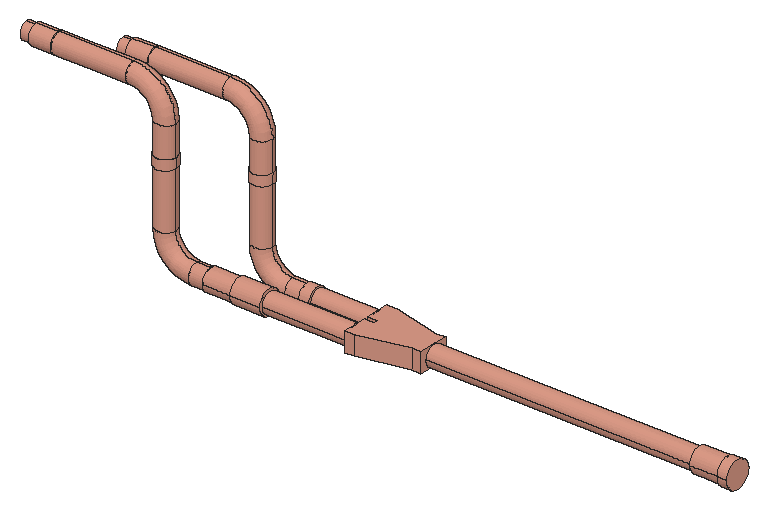
Revit family "outputfile", category 配管付属品, Revit 2024
Family settings
  丸型コネクタ寸法 = 半径を使用
  パーツ タイプ = 標準
  OmniClass 番号 = 23.65.55.00
  OmniClass タイトル = Distribution of Supplied Liquids/Gases
  作業面ベース = いいえ
  常に垂直 = はい
  ロード時にボイドで切り取り = いいえ
  共有 = いいえ
Parameters (values of type "BHFP26MA84_(2)")
  Description = ""
  製造元 = "Daikin"
  書き出し IFC クラス(タイプ) = "IfcPipeFittingType"
  Default Elevation = 0.0 mm
  定義済み IFC タイプ(タイプ) = "JUNCTION"
  Cost = 0
  モデル = "BHFP26MA84_(2)"
  Type Comments = ""
  Keynote = ""
  Type Image = (empty or 0)
  Assembly Code = ""
  table_PipeToCU_B [instance] = if(mm⇔inch, "Multi Module Kit_BHFP26MA-_Gas_PipeToCU_B", "Multi Module Kit_BHFP26MA-_Gas_PipeToCU_B_inch")  # "Multi Module Kit_BHFP26MA-_Gas_PipeToCU_B"
  table_PipeToCU_A [instance] = if(mm⇔inch, "Multi Module Kit_BHFP26MA-_Gas_PipeToCU_A", "Multi Module Kit_BHFP26MA-_Gas_PipeToCU_A_inch")  # "Multi Module Kit_BHFP26MA-_Gas_PipeToCU_A"
  table_ToMainPipe [instance] = if(mm⇔inch, "Multi Module Kit_BHFP26MA-_Gas_ToMainPipe", "Multi Module Kit_BHFP26MA-_Gas_ToMainPipe_inch")  # "Multi Module Kit_BHFP26MA-_Gas_ToMainPipe"
  switch_PipeToCU_B Reducer [instance] = if(and(Is_PipeToCU_B Reducer = 1, judge_IsOffsetPipe_ToOutdoorUnitB = 0), 1 = 1, 1 = 0)  # yes
  switch_PipeToCU_B4 [instance] = if(number_PipeToCU_B < 4, 1 = 0, 1 = 1)  # no
  switch_PipeToCU_B3 [instance] = if(number_PipeToCU_B < 3, 1 = 0, 1 = 1)  # no
  switch_PipeToCU_B2 [instance] = if(number_PipeToCU_B < 2, 1 = 0, 1 = 1)  # yes
  switch_PipeToCU_A Reducer [instance] = if(Is_PipeToCU_A Reducer = 1, 1 = 1, 1 = 0)  # yes
  switch_ToMainPipe Reducer [instance] = if(Is_ToMainPipe Reducer = 1, 1 = 1, 1 = 0)  # no
  switch_ToMainPipe2 [instance] = if(number_ToMainPipe < 2, 1 = 0, 1 = 1)  # yes
  switch_Offset Reducer(4) [instance] = if(and([judge_JointType(1or2)] = 1, Is_PipeToCU_B Reducer = 1, judge_IsOffsetPipe_ToOutdoorUnitB = 1), 1 = 1, 1 = 0)  # no
  switch_Offset Reducer(3) [instance] = if(and([judge_JointType(1or2)] = 2, Is_PipeToCU_B Reducer = 1, judge_IsOffsetPipe_ToOutdoorUnitB = 1), 1 = 1, 1 = 0)  # no
  r_PipeToCU_B_ActualDiameter [instance] = PipeToCU_B_Gas_ActualDiameter / 2  # 9.55 mm
  r_PipeToCU_A_ActualDiameter [instance] = PipeToCU_A_Gas_ActualDiameter / 2  # 9.55 mm
  r_ToMainPipe_ActualDiameter [instance] = ToMainPipe_Gas_ActualDiameter / 2  # 15.9 mm
  number_PipeToCU_B ReducerPipe [instance] = size_lookup(table_PipeToCU_B, "reducerPipeNumber", 2, モデル, judge_IsOffsetPipe_ToOutdoorUnitB, PipeToCU_B_Gas_ActualDiameter)  # 2
  number_PipeToCU_B [instance] = size_lookup(table_PipeToCU_B, "pipeNumber", 2, モデル, judge_IsOffsetPipe_ToOutdoorUnitB, PipeToCU_B_Gas_ActualDiameter)  # 2
  number_PipeToCU_A ReducerPipe [instance] = size_lookup(table_PipeToCU_A, "reducerPipeNumber", 2, モデル, PipeToCU_A_Gas_ActualDiameter)  # 2
  number_ToMainPipe [instance] = size_lookup(table_ToMainPipe, "pipeNumber", 2, モデル, ToMainPipe_Gas_ActualDiameter)  # 2
  mm⇔inch [instance] = yes
  h_PipeToCU_B Connector [instance] = if(Is_PipeToCU_B Reducer = 1, 200.0 mm, 0.0 mm)  # 200.0 mm
  h_PipeToCU_A Connector [instance] = if(Is_PipeToCU_A Reducer = 1, 200.0 mm, 0.0 mm)  # 200.0 mm
  angle_PipeToCU_B Reducer [instance] = 90.00°  # constant formula
  Unit Type = "BHFP26MA-_Gas"
  Uniclass2015Version = "Products v1.31"
  Uniclass2015Title = "Copper pipe fittings"
  Uniclass2015Code = "Pr_65_52_63_18"
  URL = ""
  ToMainPipe_Gas_Status [instance] = size_lookup(table_ToMainPipe, "Information", "The connected pipe size is not available.", モデル, ToMainPipe_Gas_ActualDiameter)  # "Default connector size is used."
  ToMainPipe_Gas_ActualDiameter [instance] = 31.8 mm
  Tag No. [instance] = ""
  Series = "Multi Module kit"
  PipeToCU_B_Gas_Status [instance] = size_lookup(table_PipeToCU_B, "Information", "The connected pipe size is not available.", モデル, judge_IsOffsetPipe_ToOutdoorUnitB, PipeToCU_B_Gas_ActualDiameter)  # "Reducer is used at connector."
  PipeToCU_B_Gas_ActualDiameter [instance] = 19.1 mm
  PipeToCU_A_Gas_Status [instance] = size_lookup(table_PipeToCU_A, "Information", "The connected pipe size is not available.", モデル, PipeToCU_A_Gas_ActualDiameter)  # "Reducer is used at connector."
  PipeToCU_A_Gas_ActualDiameter [instance] = 19.1 mm
  Material_Piping = DAIKIN_Copper_Pipe
  Material_Insulation = DAIKIN_White_Insulation
  location_PipeToCU_B connector [instance] = size_lookup(table_PipeToCU_B, "Locationconnector", 0.0 mm, モデル, judge_IsOffsetPipe_ToOutdoorUnitB, PipeToCU_B_Gas_ActualDiameter)  # 0.0 mm
  location_PipeToCU_A connector [instance] = size_lookup(table_PipeToCU_A, "Locationconnector", 0.0 mm, モデル, PipeToCU_A_Gas_ActualDiameter)  # 0.0 mm
  l_PipeToCU_B connector [instance] = size_lookup(table_PipeToCU_B, "Length", 414.0 mm, モデル, judge_IsOffsetPipe_ToOutdoorUnitB, PipeToCU_B_Gas_ActualDiameter)  # 414.0 mm
  l_PipeToCU_B Reducer [instance] = 100.0 mm  # constant formula
  l_PipeToCU_B4 [instance] = size_lookup(table_PipeToCU_B, "L_Pipe4", 10.0 mm, モデル)  # 10.0 mm
  l_PipeToCU_B3 [instance] = size_lookup(table_PipeToCU_B, "L_Pipe3", 30.0 mm, モデル)  # 30.0 mm
  l_PipeToCU_B2 [instance] = size_lookup(table_PipeToCU_B, "L_Pipe2", 36.0 mm, モデル)  # 36.0 mm
  l_PipeToCU_B1 [instance] = size_lookup(table_PipeToCU_B, "L_Pipe1", 37.5 mm, モデル)  # 37.5 mm
  l_PipeToCU_B0 [instance] = size_lookup(table_PipeToCU_B, "L_Pipe0", 108.0 mm, モデル)  # 108.0 mm
  l_PipeToCU_A connector [instance] = size_lookup(table_PipeToCU_A, "Length", 320.0 mm, モデル, PipeToCU_A_Gas_ActualDiameter)  # 320.0 mm
  l_PipeToCU_A1 [instance] = size_lookup(table_PipeToCU_A, "L_Pipe1", 13.0 mm, モデル)  # 13.0 mm
  l_PipeToCU_A0 [instance] = size_lookup(table_PipeToCU_A, "L_Pipe0", 75.0 mm, モデル)  # 75.0 mm
  l_ToMainPipe connector [instance] = size_lookup(table_ToMainPipe, "Length", 384.0 mm, モデル, ToMainPipe_Gas_ActualDiameter)  # 384.0 mm
  l_ToMainPipe Reducer [instance] = size_lookup(table_ToMainPipe, "L_Reducer", 2.0 mm, モデル, ToMainPipe_Gas_ActualDiameter)  # 2.0 mm
  l_ToMainPipe2 [instance] = size_lookup(table_ToMainPipe, "L_Pipe2", 12.0 mm, モデル)  # 12.0 mm
  l_ToMainPipe1 [instance] = size_lookup(table_ToMainPipe, "L_Pipe1", 36.0 mm, モデル)  # 36.0 mm
  l_ToMainPipe0 [instance] = size_lookup(table_ToMainPipe, "L_Pipe0", 336.0 mm, モデル)  # 336.0 mm
  judge_IsOffsetPipe_ToOutdoorUnitB [instance] = 0  # constant formula
  judge_JointType(1or2) = 2
  count_PipeToCU_B Reducer [instance] = size_lookup(table_PipeToCU_B, "reducerCount", 1, モデル, judge_IsOffsetPipe_ToOutdoorUnitB, PipeToCU_B_Gas_ActualDiameter)  # 1
  count_PipeToCU_A Reducer [instance] = size_lookup(table_PipeToCU_A, "reducerCount", 1, モデル, PipeToCU_A_Gas_ActualDiameter)  # 1
  angle_PipeToCU_A Reducer [instance] = 90.00°  # constant formula
  angle_PipeToCU_A Connector [instance] = 90.00°  # constant formula
  PipeToCU_B_Gas_AvailableDiameter [instance] = size_lookup(table_PipeToCU_B, "sizeVariation", "", モデル, judge_IsOffsetPipe_ToOutdoorUnitB)  # "19.1/22.2mm"
  PipeToCU_A_Gas_AvailableDiameter [instance] = size_lookup(table_PipeToCU_A, "sizeVariation", "", モデル)  # "19.1/22.2mm"
  ToMainPipe_Gas_AvailableDiameter [instance] = size_lookup(table_ToMainPipe, "sizeVariation", "", モデル)  # "28.6/31.8mm"
  O.D_ToMainPipe Reducer [instance] = size_lookup(table_ToMainPipe, "O.D_reducer", 2.0 mm, モデル, ToMainPipe_Gas_ActualDiameter)  # 2.0 mm
  Link_Nested Family [instance] = ""
  Is_PipeToCU_B Reducer [instance] = size_lookup(table_PipeToCU_B, "IsReducer", 1, モデル, judge_IsOffsetPipe_ToOutdoorUnitB, PipeToCU_B_Gas_ActualDiameter)  # 1
  Is_PipeToCU_A Reducer [instance] = size_lookup(table_PipeToCU_A, "IsReducer", 1, モデル, PipeToCU_A_Gas_ActualDiameter)  # 1
  Is_ToMainPipe Reducer [instance] = size_lookup(table_ToMainPipe, "IsReducer", 0, モデル, ToMainPipe_Gas_ActualDiameter)  # 0
  IfcVersion = ""
  IfcExportType = "JUNCTION"
  IfcExportAs = "IfcPipeFittingType"
  Attach_Insulation [instance] = no
  I.D_PipeToCU_B4 [instance] = size_lookup(table_PipeToCU_B, "I.D_PipeSize4", 19.1 mm, モデル)  # 19.1 mm
  I.D_PipeToCU_B3 [instance] = size_lookup(table_PipeToCU_B, "I.D_PipeSize3", 22.2 mm, モデル)  # 22.2 mm
  I.D_PipeToCU_B2 [instance] = size_lookup(table_PipeToCU_B, "I.D_PipeSize2", 25.4 mm, モデル)  # 25.4 mm
  I.D_PipeToCU_B1 [instance] = size_lookup(table_PipeToCU_B, "I.D_PipeSize1", 28.6 mm, モデル)  # 28.6 mm
  I.D_PipeToCU_B0 [instance] = size_lookup(table_PipeToCU_B, "I.D_PipeSize0", 23.4 mm, モデル)  # 23.4 mm
  I.D_PipeToCU_A1 [instance] = 25.4 mm  # constant formula
  I.D_PipeToCU_A0 [instance] = 22.2 mm  # constant formula
  I.D_ToMainPipe Reducer [instance] = size_lookup(table_ToMainPipe, "I.D_reducer", 2.0 mm, モデル, ToMainPipe_Gas_ActualDiameter)  # 2.0 mm
  I.D_ToMainPipe2 [instance] = size_lookup(table_ToMainPipe, "I.D_PipeSize2", 31.8 mm, モデル)  # 31.8 mm
  I.D_ToMainPipe1 [instance] = size_lookup(table_ToMainPipe, "I.D_PipeSize1", 28.6 mm, モデル)  # 28.6 mm
  I.D_ToMainPipe0 [instance] = size_lookup(table_ToMainPipe, "I.D_PipeSize0", 23.4 mm, モデル)  # 23.4 mm
Reference planes
  plane 1 "Center (Front/Back)": y = 0
  plane 2: z = 0
  plane 3 "Center (Left/Right)": x = 225.65
  plane 4: x = 213.65
  plane 5: x = 177.65
  plane 6: x = -158.35
  plane 7: x = -243.35
  plane 8: x = -331.35
  plane 9: x = -351.35
  plane 10: x = -388.85
  plane 11: x = -424.85
  plane 12: x = -454.85
  plane 13: x = -464.85
  plane 14: y = 17.5
  plane 15: y = -17.491
  plane 16: x = -318.35
  plane 17: x = -108.35
  plane 18 "ToMainPipe_connector": x = 225.65
  plane 19 "connector_OutdoorunitA": x = -243.35
  plane 20 "connectorLocation_TooutdoorUnitB": y = -17.491
  plane 21 "connector_ToOutdoorUnitB": x = -657.35
Forms (mm)
  Extrusion 1, solid, material "DAIKIN_Copper_Pipe" <- "Material_Piping"
    sketch origin (0, 0, 0) x (1, 0, 0) y (0, 1, 0)
      loop
        line (-243.35, 1.998) -> (-231.35, 1.998) -> (-231.35, -1.998) -> (-243.35, -1.998) -> (-243.35, -33.29) -> (-231.35, -33.29) -> (-170.35, -19.109) -> (-158.35, -19.109) -> (-158.35, 18.821) -> (-170.35, 18.821) -> (-231.35, 33.29) -> (-243.35, 33.29) -> (-243.35, 1.998)
    from -12.2 to 12.2
Dimensions and locks
  locked: Extrusion 1 sketch curve to Extrusion 1 sketch curve at 37.93
  locked: Extrusion 1 sketch curve to Extrusion 1 sketch curve at 66.58
  locked: plane 6 to plane 17 at 50
  "l_PipeToCU_A0": plane 16 to plane 7
  "l_PipeToCU_A1": plane 8 to plane 16
  "l_PipeToCU_B0": plane 9 to plane 7
  "l_PipeToCU_B1": plane 10 to plane 9
  "l_PipeToCU_B2": plane 11 to plane 10
  "l_PipeToCU_B3": plane 12 to plane 11
  "l_PipeToCU_B4": plane 13 to plane 12
  locked: plane 7 to plane 6 at 85
  plane 17 to plane 5 = 286.0 mm
  "l_ToMainPipe1": plane 5 to plane 4
  "l_ToMainPipe2": plane 4 to plane 3 "Center (Left/Right)"
  "l_ToMainPipe0": plane 6 to plane 5
  "l_ToMainPipe connector": plane 6 to plane 18 "ToMainPipe_connector"
  "location_PipeToCU_A connector": plane 19 "connector_OutdoorunitA" to plane 7
  "l_PipeToCU_B connector": plane 21 "connector_ToOutdoorUnitB" to plane 7
  "location_PipeToCU_B connector": plane 20 "connectorLocation_TooutdoorUnitB" to plane 15
  plane 14 to plane 1 "Center (Front/Back)" to plane 15 = 17.5 mm locked, 17.491 mm locked
  plane 21 "connector_ToOutdoorUnitB" to plane 18 "ToMainPipe_connector" = 883.0 mm
  aligned and locked: level to plane 2
  aligned and locked: plane 2 to nested 1
  aligned and locked: plane 1 "Center (Front/Back)" to nested 1
  aligned and locked: plane 3 "Center (Left/Right)" to nested 1
  aligned and locked: plane 4 to nested 1
  aligned and locked: plane 4 to nested 2
  aligned and locked: plane 5 to nested 2
  aligned and locked: plane 5 to nested 3
  aligned and locked: plane 6 to nested 3
  aligned and locked: plane 6 to Extrusion 1
  aligned and locked: Extrusion 1 to plane 7  (x2)
  aligned and locked: plane 7 to nested 4
  aligned and locked: plane 8 to nested 5
  aligned and locked: plane 16 to nested 5
  aligned and locked: nested 5 to plane 14
  aligned and locked: nested 6 to plane 15
  aligned and locked: plane 7 to nested 6
  aligned and locked: plane 9 to nested 6
  aligned and locked: plane 10 to nested 7
  aligned and locked: plane 9 to nested 7
  aligned and locked: plane 11 to nested 8
  aligned and locked: plane 10 to nested 8
  aligned and locked: plane 12 to nested 9
  aligned and locked: plane 11 to nested 9
  aligned and locked: plane 13 to nested 10
  aligned and locked: plane 12 to nested 10
  aligned and locked: nested 10 to plane 15
  aligned and locked: nested 9 to plane 15
  aligned and locked: nested 8 to plane 15
  aligned and locked: nested 7 to plane 15
  aligned and locked: plane 1 "Center (Front/Back)" to nested 11
  aligned and locked: plane 17 to nested 11
  aligned and locked: plane 16 to nested 4
  aligned and locked: nested 12 to plane 14
  aligned and locked: plane 8 to nested 12
  aligned and locked: plane 1 "Center (Front/Back)" to nested 13
  aligned and locked: plane 18 "ToMainPipe_connector" to nested 13
  aligned and locked: plane 6 to nested 14
  aligned and locked: plane 1 "Center (Front/Back)" to nested 3
  aligned and locked: plane 14 to nested 15
  aligned and locked: nested 15 to plane 19 "connector_OutdoorunitA"
  aligned and locked: nested 16 to plane 20 "connectorLocation_TooutdoorUnitB"
  aligned and locked: nested 16 to plane 7
  aligned and locked: plane 11 to nested 17
  aligned and locked: nested 16 to plane 15
Automatic sketch dimensions
  Extrusion 1 sketch curve to plane 7 = 0.0 mm  (x2)
  Extrusion 1 sketch curve to plane 6 = 0.0 mm
  Extrusion 1 sketch curve to Extrusion 1 sketch curve = 12.0 mm  (x3)
  Extrusion 1 sketch curve to plane 1 "Center (Front/Back)" = 1.998 mm
  plane 14 to Extrusion 1 sketch curve = 1.321 mm
  Extrusion 1 sketch curve to plane 6 = 12.0 mm  (x2)
  Extrusion 1 sketch curve to plane 15 = 15.799 mm
  plane 1 "Center (Front/Back)" to Extrusion 1 sketch curve = 1.998 mm
Nested families
  nested 1: "daikin_Pipe" at (219.65, 0, 0), I.D_Pipe <- "I.D_ToMainPipe2", display <- "switch_ToMainPipe2", type "*"
    with length_Pipe 12.0 mm, display yes, O.D_Pipe 33.8 mm, I.D_Pipe 31.8 mm
  nested 2: "daikin_Pipe" at (195.65, 0, 0), I.D_Pipe <- "I.D_ToMainPipe1", type "*"
    with length_Pipe 36.0 mm, display yes, O.D_Pipe 30.6 mm, I.D_Pipe 28.6 mm
  nested 3: "daikin_Pipe" at (9.65, 0, 0), I.D_Pipe <- "I.D_ToMainPipe0", type "*"
    with length_Pipe 336.0 mm, display yes, O.D_Pipe 25.4 mm, I.D_Pipe 23.4 mm
  nested 4: "daikin_Pipe" at (-280.85, 17.644, 0), I.D_Pipe <- "I.D_PipeToCU_A0", type "*"
    with length_Pipe 75.0 mm, display yes, O.D_Pipe 24.2 mm, I.D_Pipe 22.2 mm
  nested 5: "daikin_Pipe" at (-324.85, 17.5, 0), I.D_Pipe <- "I.D_PipeToCU_A1", type "*"
    with length_Pipe 13.0 mm, display yes, O.D_Pipe 27.4 mm, I.D_Pipe 25.4 mm
  nested 6: "daikin_Pipe" at (-297.35, -17.491, 0), I.D_Pipe <- "I.D_PipeToCU_B0", type "*"
    with length_Pipe 108.0 mm, display yes, O.D_Pipe 25.4 mm, I.D_Pipe 23.4 mm
  nested 7: "daikin_Pipe" at (-370.1, -17.491, 0), I.D_Pipe <- "I.D_PipeToCU_B1", type "*"
    with length_Pipe 37.5 mm, display yes, O.D_Pipe 30.6 mm, I.D_Pipe 28.6 mm
  nested 8: "daikin_Pipe" at (-406.85, -17.491, 0), I.D_Pipe <- "I.D_PipeToCU_B2", display <- "switch_PipeToCU_B2", type "*"
    with length_Pipe 36.0 mm, display yes, O.D_Pipe 27.4 mm, I.D_Pipe 25.4 mm
  nested 9: "daikin_Pipe" at (-439.85, -17.491, 0), display <- "switch_PipeToCU_B3", I.D_Pipe <- "I.D_PipeToCU_B3", visible <- "switch_PipeToCU_B3", type "*"
    with length_Pipe 30.0 mm, display no, O.D_Pipe 24.2 mm, I.D_Pipe 22.2 mm
  nested 10: "daikin_Pipe" at (-459.85, -17.491, 0), display <- "switch_PipeToCU_B4", I.D_Pipe <- "I.D_PipeToCU_B4", visible <- "switch_PipeToCU_B4", type "*"
    with length_Pipe 10.0 mm, display no, O.D_Pipe 21.1 mm, I.D_Pipe 19.1 mm
  nested 11: "daikin_MultiModeluKit_Insulation" at (-108.35, 0, 0), display <- "Attach_Insulation", type "*"
    with h 54.2 mm, display no, I.D_Outlet PipeSize 22.2 mm
  nested 12: "daikin_Multi Module kit_Reducer90_rotate" at (-331.35, 17.5, 0), number_reducerPipe <- "number_PipeToCU_A ReducerPipe", angle_Pipe <- "angle_PipeToCU_A Reducer", visible <- "switch_PipeToCU_A Reducer", type "PipeToCU_A"
    with number_reducerPipe 2, angle_Pipe 90.00°, I.D_connector 19.1 mm
  nested 13: "daikin_Pipe_reducer" at (224.65, 0, 0), I.D_Pipe1 <- "I.D_ToMainPipe Reducer", O.D_Pipe2 <- "O.D_ToMainPipe Reducer", length_Pipe <- "l_ToMainPipe Reducer", display <- "switch_ToMainPipe Reducer", type "*"
    with length_Pipe 2.0 mm, display no, O.D_Pipe2 2.0 mm, O.D_Pipe1 4.0 mm, I.D_Pipe2 0.0 mm, I.D_Pipe1 2.0 mm
  nested 14: "daikin_connector_rotate3" at (-158.35, 0, 0) x (0, 1, 0) z (0, 0, 1), length <- "l_ToMainPipe connector", type "daikin_connector_rotate3"
    with radius 10.0 mm, length 384.0 mm, angle_vertical 90.00°, angle_horizontal 0.00°
  nested 15: "daikin_connector_rotate3" at (-243.35, 17.5, 200) x (-1, 0, 0) z (0, 0, 1), length <- "l_PipeToCU_A connector", angle_vertical <- "angle_PipeToCU_A Connector", built-in parameter 1001364 <- "h_PipeToCU_A Connector", type "daikin_connector_rotate3"
    with radius 10.0 mm, length 320.0 mm, angle_vertical 90.00°, angle_horizontal 90.00°
  nested 16: "daikin_connector_rotate3" at (-243.35, -17.491, 200) x (0, -1, 0) z (0, 0, 1), length <- "l_PipeToCU_B connector", built-in parameter 1001364 <- "h_PipeToCU_B Connector", type "daikin_connector_rotate3"
    with radius 10.0 mm, length 414.0 mm, angle_vertical 90.00°, angle_horizontal 0.00°
  nested 17: "daikin_Multi Module kit_Reducer90_rotate" at (-424.85, -17.491, 0), number_reducerPipe <- "number_PipeToCU_B ReducerPipe", angle_Pipe <- "angle_PipeToCU_B Reducer", visible <- "switch_PipeToCU_B Reducer", type "PipeToCU_B"
    with number_reducerPipe 2, angle_Pipe 90.00°, I.D_connector 34.9 mm, l_Pipe0 57.5 mm
Connectors
  piping at (225.65, 0, 0), diameter 31.8, driven by "r_ToMainPipe_ActualDiameter"
    settings: on nested 14, index 1, connector inside diameter 609.6 mm, connector length 0.0 mm, flow factor 0, pipe flow 0.00 m³/h, pressure drop 0.0 Pa, fitting loss kfactor 0, connector angle 0.00°, fixture units 0, engagement length 0.0 mm, angle of deflection 0.00°, flow configuration 0, flow direction 1, fitting loss method 0, system type 29, joint type 0, gender type 0, connector reference index -1, connector utility 0, adjustable connector no, is connector primary yes, connector description "Multi Module kit_to Main Pipe_Gas"
  piping at (-563.35, 17.5, 200), diameter 19.1, driven by "r_PipeToCU_A_ActualDiameter"
    settings: on nested 15, index 2, connector inside diameter 609.6 mm, connector length 0.0 mm, flow factor 0, pipe flow 0.00 m³/h, pressure drop 0.0 Pa, fitting loss kfactor 0, connector angle 0.00°, fixture units 0, engagement length 0.0 mm, angle of deflection 0.00°, flow configuration 0, flow direction 2, fitting loss method 0, system type 29, joint type 0, gender type 0, connector reference index -1, connector utility 0, adjustable connector no, is connector primary no, connector description "Multi Module kit_Piping to CU-A_Gas"
  piping at (-657.35, -17.491, 200), diameter 19.1, driven by "r_PipeToCU_B_ActualDiameter"
    settings: on nested 16, index 3, connector inside diameter 609.6 mm, connector length 0.0 mm, flow factor 0, pipe flow 0.00 m³/h, pressure drop 0.0 Pa, fitting loss kfactor 0, connector angle 0.00°, fixture units 0, engagement length 0.0 mm, angle of deflection 0.00°, flow configuration 0, flow direction 2, fitting loss method 0, system type 29, joint type 0, gender type 0, connector reference index -1, connector utility 0, adjustable connector no, is connector primary no, connector description "Multi Module kit_Piping to CU-B_Gas"
Definition of nested family "daikin_Pipe"
  Parameters (values of type "*")
    Default Elevation = 0.0 mm
    material = none
    length_Pipe [instance] = 150.0 mm
    display [instance] = yes
    O.D_Pipe [instance] = I.D_Pipe + 2.0 mm  # 27.0 mm
    I.D_Pipe [instance] = 25.0 mm
  Reference planes
    plane 1 "Center (Front/Back)": y = 0
    plane 2 "center(vertical)": z = 0
    plane 3 "Center (Left/Right)": x = 0
    plane 4 "left": x = -75
    plane 5 "right": x = 75
  Forms (mm)
    Extrusion 1, solid, material <- "material", visible <- "display"
      sketch origin (0, 0, 0) x (0, 1, 0) y (0, 0, 1)
        loop
          circle (0, 0) r 13.5
      from -75 to 75
  Dimensions and locks
    equal spacing: plane 4 "left", plane 3 "Center (Left/Right)", plane 5 "right"
    "length_Pipe": plane 4 "left" to plane 5 "right"
    "O.D_Pipe": diameter of Extrusion 1 sketch curve
    aligned and locked: level to plane 2 "center(vertical)"
    aligned and locked: plane 2 "center(vertical)" to Extrusion 1 sketch curve
    aligned and locked: plane 1 "Center (Front/Back)" to Extrusion 1 sketch curve
    aligned and locked: plane 5 "right" to Extrusion 1
    aligned and locked: Extrusion 1 to plane 4 "left"
Definition of nested family "daikin_Multi Module kit_Reducer90_rotate"
  Parameters (values of type "PipeToCU_A")
    Default Elevation = 0.0 mm
    number_reducerPipe [instance] = 4
    material_Pipe = none
    l_Pipe0 = 57.0 mm
    angle_Pipe [instance] = 30.00°
    I.D_connector [instance] = 34.9 mm
  Types (2, lengths in mm): name | l_Pipe0
    PipeToCU_A | 57.0
    PipeToCU_B | 55.0
  Reference planes
    plane 1 "Center (Front/Back)": y = 0
    plane 2: z = 0
    plane 3 "Center (Left/Right)": x = 0
  Dimensions and locks
    "angle_Pipe": angle plane 2 to nested 1
    aligned and locked: level to plane 2
  Nested families
    nested 1: "daikin_Multi Module kit_Reducer90" at (0, 0, 0) x (1, 0, 0) z (0, -0.5, 0.866), I.D_connector <- "I.D_connector", ReducerPipe <- "number_reducerPipe", l_Pipe0 <- "l_Pipe0", type "*"
      with l_Pipe0 57.0 mm, display_Pipe4 no, display_Pipe3 no, ReducerPipe 4, I.D_connector 34.9 mm
  Definition of nested family "daikin_Multi Module kit_Reducer90"
    Parameters (values of type "*")
      Default Elevation = 0.0 mm
      material_Pipe = none
      l_Pipe0 [instance] = 57.0 mm
      display_Pipe4 [instance] = ReducerPipe = 2  # no
      display_Pipe3 [instance] = or(ReducerPipe = 1, ReducerPipe = 2)  # no
      ReducerPipe [instance] = 0
      O.D_Pipe4 = 19.1 mm + 2.0 mm  # 21.1 mm
      O.D_Pipe3 = 24.9 mm  # constant formula
      O.D_Pipe2 = 25.4 mm  # constant formula
      O.D_Pipe1 = 27.4 mm  # constant formula
      O.D_Pipe0 = 25.4 mm  # constant formula
      I.D_connector [instance] = 0.0 mm
    Reference planes
      plane 1 "Center (Front/Back)": y = 0
      plane 2 "center_vertical": z = 0
      plane 3 "Center (Left/Right)": x = 0
      plane 4 "center_toOutdoor": x = -57
      plane 5: y = 110
      plane 6: y = 122
      plane 7: y = 200
      plane 8: x = -192
      plane 9: x = -220
      plane 10: x = -232
    Forms (mm)
      Sweep 1, solid, material <- "material_Pipe"
        path origin (0, 0, 0) x (1, 0, 0) y (0, 1, 0)
          loop
            line (0, 0) -> (-18.241, 0)
            arc (-18.241, 0) -> (-45.648, 11.352) -> (-57, 38.759) r 38.759
            line (-57, 38.759) -> (-57, 110)
        profile origin (-9.12, 0, 0) x (0, -1, 0) y (0, 0, 1)
          loop
            circle (0, 0) r 12.7
      Extrusion 2, solid, material <- "material_Pipe"
        sketch origin (0, 0, 0) x (1, 0, 0) y (0, 0, 1)
          loop
            circle (-57, 0) r 13.7
        from -122 to -110
      Sweep 3, solid, material <- "material_Pipe"
        path origin (0, 0, 0) x (1, 0, 0) y (0, 1, 0)
          loop
            line (-57, 122) -> (-57, 160)
            arc (-57, 160) -> (-68.716, 188.284) -> (-97, 200) r 40
            line (-97, 200) -> (-192, 200)
        profile origin (-57, 141, 0) x (-1, 0, 0) y (0, 0, 1)
          loop
            circle (0, 0) r 12.7
      Extrusion 4, solid, material <- "material_Pipe", visible <- "display_Pipe3"
        sketch origin (0, 0, 0) x (0, 1, 0) y (0, 0, 1)
          loop
            circle (200, 0) r 12.45
        from -220 to -192
      Extrusion 5, solid, material <- "material_Pipe", visible <- "display_Pipe4"
        sketch origin (0, -10.14, 0) x (0, 1, 0) y (0, 0, 1)
          loop
            circle (210.14, 0) r 10.55
        from -232 to -220
    Lines and regions (mm)
      reference lines
        curve 1: line (0, 0, 0) -> (-57, 0, 0)
    Dimensions and locks
      locked: plane 1 "Center (Front/Back)" to plane 5 at 110
      locked: plane 6 to plane 5 at 12
      "l_Pipe0": plane 4 "center_toOutdoor" to plane 3 "Center (Left/Right)"
      plane 1 "Center (Front/Back)" to plane 7 = 200.0 mm
      locked: plane 8 to plane 4 "center_toOutdoor" at 135
      locked: plane 9 to plane 8 at 28
      locked: plane 10 to plane 9 at 12
      plane 10 to plane 3 "Center (Left/Right)" = 232.0 mm
      "O.D_Pipe0": diameter of Sweep 1 sketch curve
      "O.D_Pipe1": diameter of Extrusion 2 sketch curve
      "O.D_Pipe2": diameter of Sweep 3 sketch curve
      "O.D_Pipe3": diameter of Extrusion 4 sketch curve
      "O.D_Pipe4": diameter of Extrusion 5 sketch curve
      aligned and locked: level to plane 2 "center_vertical"
      aligned and locked: plane 6 to Extrusion 2
      aligned and locked: Extrusion 2 to plane 5
      aligned and locked: Sweep 1 sketch curve to plane 1 "Center (Front/Back)"
      aligned and locked: plane 3 "Center (Left/Right)" to curve 1
      aligned and locked: curve 1 to plane 1 "Center (Front/Back)"
      aligned and locked: plane 4 "center_toOutdoor" to Sweep 3 sketch curve
      aligned and locked: plane 2 "center_vertical" to Sweep 3 sketch curve
      aligned and locked: plane 2 "center_vertical" to Extrusion 4 sketch curve
      aligned and locked: plane 7 to Extrusion 4 sketch curve
      aligned and locked: Extrusion 4 to plane 9
      aligned and locked: plane 8 to Extrusion 4
      aligned and locked: Extrusion 5 to plane 10
      aligned and locked: plane 9 to Extrusion 5
      aligned and locked: plane 7 to Extrusion 5 sketch curve
      aligned and locked: plane 2 "center_vertical" to Extrusion 5 sketch curve
    Automatic sketch dimensions
      Sweep 1 sketch curve to plane 4 "center_toOutdoor" = 0.0 mm
      Sweep 1 sketch curve to plane 3 "Center (Left/Right)" = 0.0 mm
      Sweep 1 sketch curve to plane 5 = 0.0 mm
      Sweep 1 sketch curve to plane 3 "Center (Left/Right)" = 18.241 mm
      curve 1 to plane 4 "center_toOutdoor" = 0.0 mm
      Sweep 3 sketch curve to plane 7 = 0.0 mm
      Sweep 3 sketch curve to plane 8 = 0.0 mm
      Sweep 3 sketch curve to plane 4 "center_toOutdoor" = 0.0 mm
      Sweep 3 sketch curve to plane 6 = 0.0 mm
      Sweep 3 sketch curve to plane 4 "center_toOutdoor" = 40.0 mm
      Sweep 1 sketch curve to level = 0.0 mm
      Sweep 1 sketch curve to profile plane = 0.0 mm
      Extrusion 2 sketch curve to level = 0.0 mm
      Extrusion 2 sketch curve to plane 4 "center_toOutdoor" = 0.0 mm
Definition of nested family "daikin_MultiModeluKit_Insulation"
  Parameters (values of type "*")
    Default Elevation = 0.0 mm
    Model = ""
    material = none
    h [instance] = (I.D_Outlet PipeSize + 2.0 mm) + 30.0 mm  # 47.0 mm
    display [instance] = yes
    I.D_Outlet PipeSize [instance] = 15.0 mm
  Reference planes
    plane 1 "Center (Front/Back)": y = 0
    plane 2: z = 0
    plane 3 "Left": x = 0
    plane 4 "top": z = 23.5
    plane 5 "bottom": z = -23.5
  Forms (mm)
    Extrusion 1, solid, material <- "material", visible <- "display"
      sketch origin (0, 0, 0) x (1, 0, 0) y (0, 1, 0)
        loop
          line (0, -27.7) -> (0, 27.7) -> (-123, 45.79) -> (-206, 45.79) -> (-206, 7.021) -> (-269.393, 10) -> (-321, 10) -> (-321, -45.79) -> (-123, -45.79) -> (0, -27.7)
      from -23.5 to 23.5
  Dimensions and locks
    equal spacing: plane 4 "top", plane 2, plane 5 "bottom"
    "h": plane 4 "top" to plane 5 "bottom"
    aligned and locked: level to plane 2
    aligned and locked: plane 3 "Left" to Extrusion 1
    aligned and locked: Extrusion 1 to plane 5 "bottom"
    aligned and locked: plane 4 "top" to Extrusion 1
  Automatic sketch dimensions
    Extrusion 1 sketch curve to plane 3 "Left" = 0.0 mm
    Extrusion 1 sketch curve to plane 1 "Center (Front/Back)" = 45.79 mm
    Extrusion 1 sketch curve to plane 3 "Left" = 123.0 mm
    Extrusion 1 sketch curve to Extrusion 1 sketch curve = 83.0 mm
    Extrusion 1 sketch curve to plane 1 "Center (Front/Back)" = 10.0 mm
    Extrusion 1 sketch curve to Extrusion 1 sketch curve = 63.393 mm
    Extrusion 1 sketch curve to Extrusion 1 sketch curve = 51.607 mm
    Extrusion 1 sketch curve to plane 1 "Center (Front/Back)" = 7.021 mm
    plane 1 "Center (Front/Back)" to Extrusion 1 sketch curve = 45.79 mm
    Extrusion 1 sketch curve to plane 1 "Center (Front/Back)" = 27.7 mm
    Extrusion 1 sketch curve to Extrusion 1 sketch curve = 0.0 mm
    plane 1 "Center (Front/Back)" to Extrusion 1 sketch curve = 27.7 mm
Definition of nested family "daikin_Pipe_reducer"
  Parameters (values of type "*")
    Default Elevation = 0.0 mm
    material = none
    length_Pipe [instance] = 250.0 mm
    display [instance] = yes
    O.D_Pipe2 [instance] = 19.1 mm
    O.D_Pipe1 [instance] = I.D_Pipe1 + 2.0 mm  # 24.2 mm
    I.D_Pipe2 [instance] = O.D_Pipe2 - 2.0 mm  # 17.1 mm
    I.D_Pipe1 [instance] = 22.2 mm
  Reference planes
    plane 1 "Center (Front/Back)": y = 0
    plane 2 "center(vertical)": z = 0
    plane 3 "Center (Left/Right)": x = 0
    plane 4 "connection": x = -125
    plane 5 "right": x = 113
    plane 6: x = 125
  Forms (mm)
    Extrusion 1, solid, material <- "material", visible <- "display"
      sketch origin (0, 0, 0) x (0, 1, 0) y (0, 0, 1)
        loop
          circle (0, 0) r 9.55
      from -125 to 113
    Extrusion 2, solid, material <- "material", visible <- "display"
      sketch origin (0, 0, 0) x (0, 1, 0) y (0, 0, 1)
        loop
          circle (0, 0) r 12.1
      from 113 to 125
  Dimensions and locks
    locked: plane 5 "right" to plane 6 at 12
    "length_Pipe": plane 4 "connection" to plane 6
    equal spacing: plane 4 "connection", plane 3 "Center (Left/Right)", plane 6
    "O.D_Pipe2": diameter of Extrusion 1 sketch curve
    "O.D_Pipe1": diameter of Extrusion 2 sketch curve
    aligned and locked: level to plane 2 "center(vertical)"
    aligned and locked: plane 2 "center(vertical)" to Extrusion 1 sketch curve
    aligned and locked: plane 1 "Center (Front/Back)" to Extrusion 1 sketch curve
    aligned and locked: plane 5 "right" to Extrusion 1
    aligned and locked: Extrusion 1 to plane 4 "connection"
    aligned and locked: plane 2 "center(vertical)" to Extrusion 2 sketch curve
    aligned and locked: plane 1 "Center (Front/Back)" to Extrusion 2 sketch curve
    aligned and locked: Extrusion 2 to plane 5 "right"
    aligned and locked: plane 6 to Extrusion 2
Definition of nested family "daikin_connector_rotate3"
  Parameters (values of type "daikin_connector_rotate3")
    Default Elevation = 1219.2 mm
    show_face = no
    show_circle = no
    radius [instance] = 10.0 mm
    length [instance] = 600.0 mm
    angle_horizontal [instance] = 60.00°
    angle_vertical [instance] = 90.00°
  Reference planes
    plane 1 "Center (Front/Back)": y = 0
    plane 2: z = 0
    plane 3 "Center (Left/Right)": x = 0
  Dimensions and locks
    "angle_horizontal": angle plane 3 "Center (Left/Right)" to nested 1
    aligned and locked: level to plane 2
    aligned and locked: plane 1 "Center (Front/Back)" to nested 1  (x2)
    aligned and locked: plane 3 "Center (Left/Right)" to nested 1
  Nested families
    nested 1: "daikin_connector_rotate2" at (0, 0, 0) x (0.5, 0.866, 0) z (0, 0, 1), angle_vertical <- "angle_vertical", length <- "length", radius <- "radius", type "daikin_connector_rotate2"
      with radius 10.0 mm, length 600.0 mm, angle_vertical 90.00°, Default Elevation 0.0 mm, show_circle no
  Definition of nested family "daikin_connector_rotate2"
    Parameters (values of type "daikin_connector_rotate2")
      Default Elevation = 1219.2 mm
      show_face = no
      show_circle = yes
      radius [instance] = 10.0 mm
      length [instance] = 600.0 mm
      d_surface = 10.0 mm
      angle_vertical [instance] = 90.00°
    Reference planes
      plane 1 "Center (Front/Back)": y = 0
      plane 2: z = 0
      plane 3 "Center (Left/Right)": x = 0
    Forms (mm)
      Extrusion 1, solid, visible <- "show_face"
        sketch origin (0, -600, 0) x (1, 0, 0) y (0, 0, 1)
          loop
            circle (0, 0) r 10
        from 0 to -10
    Lines and regions (mm)
      reference lines
        curve 1: line (0, 0, 0) -> (0, -600, 0)
      symbolic lines, visible <- "show_circle"
        curve 2: circle (0, 0, 0) r 5 normal (0, 0, 1)
      model lines, visible <- "show_face"
        curve 3: line (0, 0, 0) -> (0, -600, 0)
    Dimensions and locks
      "length": curve 1 to curve 1
      "length": curve 3 to curve 3
      "d_surface": Extrusion 1 to Extrusion 1
      "radius": radius of Extrusion 1 sketch curve
      "angle_vertical": angle curve 1 to plane 1 "Center (Front/Back)"
      "angle_vertical": angle curve 3 to plane 1 "Center (Front/Back)"
      aligned and locked: level to plane 2
      aligned and locked: plane 1 "Center (Front/Back)" to curve 1
      aligned and locked: plane 2 to curve 1
      aligned and locked: plane 1 "Center (Front/Back)" to curve 2
      aligned and locked: plane 3 "Center (Left/Right)" to curve 2
      aligned and locked: plane 1 "Center (Front/Back)" to curve 3
      aligned and locked: plane 2 to curve 3
      aligned and locked: Extrusion 1 to Extrusion 1
    Automatic sketch dimensions
      Extrusion 1 sketch curve to level = 0.0 mm
      Extrusion 1 sketch curve to plane 3 "Center (Left/Right)" = 0.0 mm
      radius of curve 2 = 5.0 mm
